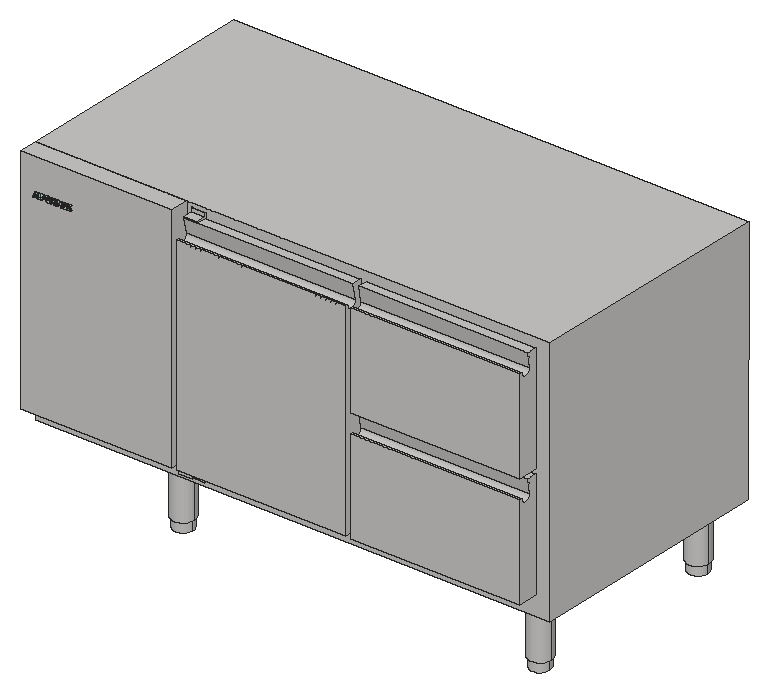
Revit family "QF_ALPENINOX_712678_AJ2F7AB", category Specialty Equipment, Revit 2018
Family settings
  Round Connector Dimension = Use Diameter
  Part Type = Normal
  Work Plane-Based = No
  Always vertical = Yes
  Cut with Voids When Loaded = No
  Shared = No
  Room Calculation Point = No
Parameters
  Weight = 0.00 kg
  Watts = 45.5225 W
  Volts = 220 V
  URL Manufacturer = "http://www.alpeninox.com"
  URL = "http://www.alpeninox.com"
  Steam Supply Size = 0 mm
  Steam Supply Minimum Pressure = 0.0 Pa
  Steam Supply Maximum Pressure = 0.0 Pa
  Steam Pounds per Hour = 0
  Refrigeration Suction Line Size = 0 mm
  Refrigeration Liquid Line Size = 0 mm
  Refrigerant Compressor Remote = yes
  Manufacturer = "Alpeninox"
  Phase = 1
  Model = "AJ2F7AB"
  Length Actual = 1341 mm  # constant formula
  Length = 1341 mm
  Item Number = "712678"
  Hot Water Size = 0 mm
  Height Actual = 800 mm  # constant formula
  Height = 650 mm
  HP = "0.7 HP"
  Gas Size = 0 mm
  Gas KW = 0
  Gas Input Pressure = 0 W
  Depth Actual = 700 mm  # constant formula
  Depth = 695 mm
  Description = "1 DOOR+2x½ DRAWER FREEZER TABLE -20C NO TOP"
  Cycle = 50 Hz
  Condensate Return Size = 0 mm
  Compressed Air Volume = 0.0 L/s
  Compressed Air Size = 0 mm
  Compressed Air Pressure = 0.0 Pa
  Cold Water Size = 0 mm
  Accessory = yes
Reference planes
  plane 1: z = 0
  plane 2 "Center (Left/Right)": x = -126.5
  plane 3 "Center (Front/Back)": y = 64.5
  plane 4 "FEET": z = 150
  plane 5 "TOP": z = 850
  plane 6 "PLAIN": z = 800
  plane 7 "EI_back": y = 359
  plane 8 "EI_left": x = -731
  plane 9 "BACK": y = 412
  plane 10 "FRONT": y = -283
  plane 11 "DOOR": y = -233
  plane 12 "LEFT": x = -797
  plane 13 "RIGHT": x = 544
  plane 14: x = -772
  plane 15: x = 519
Forms (mm)
  Extrusion 1, solid, material "QF_Finishes_Stainless Steel"
    sketch origin (-1022.223, -1524, 150) x (-1, 0, 0) y (0, -1, 0)
      loop
        circle (-291.223, -1883) r 5
    from 0 to -40
  Extrusion 2, solid, material "QF_Finishes_Stainless Steel"
    sketch origin (-1022.223, -1524, 150) x (-1, 0, 0) y (0, -1, 0)
      loop
        line (-225.223, -1936) -> (-225.223, -1291) -> (-1566.223, -1291) -> (-1566.223, -1936) -> (-225.223, -1936)
    from 0 to 650 <- "Height"
Lines and regions (mm)
  symbolic lines, style "SpecialityEquipmentHiddenLines"
    curve 1: line (-797, 412, 150) -> (544, 412, 150)
    curve 2: line (-797, -283, 150) -> (-797, 412, 150)
    curve 3: line (544, -283, 150) -> (-797, -283, 150)
    curve 4: line (544, 412, 150) -> (544, -283, 150)
    curve 5: line (-797, -233, 150) -> (544, -233, 150)
    curve 6: line (519, -283, 150) -> (519, -233, 150)
Dimensions and locks
  plane 4 "FEET" to level = 150 mm
  plane 11 "DOOR" to plane 10 "FRONT" = 50 mm
  "Height": plane 6 "PLAIN" to plane 4 "FEET"
  plane 5 "TOP" to plane 6 "PLAIN" = 50 mm
  plane 12 "LEFT" to plane 14 = 25 mm
  plane 15 to plane 13 "RIGHT" = 25 mm
  plane 9 "BACK" to plane 7 "EI_back" = 53 mm
  plane 12 "LEFT" to plane 8 "EI_left" = 66 mm
  "Length": plane 12 "LEFT" to plane 13 "RIGHT"
  equal spacing: plane 12 "LEFT", plane 2 "Center (Left/Right)", plane 13 "RIGHT"
  "Depth": plane 9 "BACK" to plane 10 "FRONT"
  equal spacing: plane 9 "BACK", plane 3 "Center (Front/Back)", plane 10 "FRONT"
  aligned and locked: level to plane 1
Automatic sketch dimensions
  Extrusion 1 sketch curve to plane 7 "EI_back" = 0 mm
  Extrusion 1 sketch curve to plane 8 "EI_left" = 0 mm
  Extrusion 2 sketch curve to plane 9 "BACK" = 0 mm
  Extrusion 2 sketch curve to plane 13 "RIGHT" = 0 mm
  Extrusion 2 sketch curve to plane 11 "DOOR" = 0 mm
  Extrusion 2 sketch curve to plane 12 "LEFT" = 0 mm
  curve 1 to plane 13 "RIGHT" = 0 mm
  curve 6 to plane 10 "FRONT" = 0 mm
  curve 6 to plane 15 = 0 mm
  curve 5 to plane 12 "LEFT" = 0 mm
  curve 6 to plane 11 "DOOR" = 0 mm
  curve 1 to plane 9 "BACK" = 0 mm
  radius of Extrusion 1 sketch curve = 5 mm
Nested families
  nested 1: "Freezer" at (544, -283, 0), type "Freezer"
  nested 2: "FEET" at (-452, 331, 0), type "FEET"
  nested 3: "FEET" at (478, 331, 0), type "FEET"
  nested 4: "FEET" at (-452, -183, 0), type "FEET"
  nested 5: "FEET" at (478, -183, 0), type "FEET"
  nested 6: "APX_BI_BT_L_650" at (-590.08, -233, 548) x (1, 0, 0) z (0, -1, 0), type "APX_BI_BT_L_650"
    with Show Logo yes
  nested 7: "APX_SD_L_650" at (-169, -233, 458.88) x (1, 0, 0) z (0, -1, 0), type "APX_SD_L_650"
    with Show Clearance yes
  nested 8: "APX_HALF_650" at (285, -233, 458.08) x (1, 0, 0) z (0, -1, 0), type "APX_HALF_650"
    with Show Clearance yes
Connectors
  electrical at (-731, 359, 110), driven by "Volts"
    settings: on Extrusion 1, index 1, voltage 220 V, apparent load 0 VA, apparent load phase1 0 VA, apparent load phase2 0 VA, apparent load phase3 0 VA, power factor 1, load classification "Other", number of poles 1, system type 31, power factor state 1, is connector primary yes, connector utility no, sub classification motor no, connector description "Electrical Connection"
Definition of nested family "FEET"
  Parameters
    FEET = 150 mm
  Reference planes
    plane 1 "Center (Front/Back)": y = 0
    plane 2: z = 0
    plane 3 "Center (Left/Right)": x = 0
    plane 4: z = 150
  Forms (mm)
    Revolve 1, solid
      sketch origin (255.05, 0, 608.09) x (0, 0, 1) y (-1, 0, 0)
        loop
          line (-608.09, 255.05) -> (-608.09, 230.05) -> (-583.09, 230.05) -> (-583.09, 226.05) -> (-458.09, 226.05) -> (-458.09, 255.05) -> (-608.09, 255.05)
        axis (-608.09, 255.05) -> (-458.09, 255.05)
      angle from 0 to 360
  Dimensions and locks
    locked: Revolve 1 sketch curve to Revolve 1 sketch curve at 125
    "FEET": plane 4 to plane 2
    aligned and locked: level to plane 2
    aligned and locked: plane 4 to Revolve 1 sketch curve
    aligned and locked: Revolve 1 sketch curve to level
    aligned and locked: plane 3 "Center (Left/Right)" to Revolve 1 sketch curve
  Automatic sketch dimensions
    Revolve 1 sketch curve to plane 3 "Center (Left/Right)" = 0 mm
    Revolve 1 sketch curve to Revolve 1 sketch curve = 25 mm
    Revolve 1 sketch curve to Revolve 1 sketch curve = 29 mm
    plane 4 to Revolve 1 sketch curve = 50 mm
    Revolve 1 sketch curve to Revolve 1 sketch curve = 20 mm
Definition of nested family "APX_BI_BT_L_650"
  Parameters
    Show Logo [instance] = yes
    Default Elevation = 1219.2 mm
  Reference planes
    plane 1 "Center (Front/Back)": y = -49
    plane 2: z = 0
    plane 3 "Center (Left/Right)": x = -9.92
    plane 4: x = -206.92
    plane 5: x = 187.08
    plane 6: y = 252
    plane 7: y = -350
  Forms (mm)
    Extrusion 1, solid
      sketch origin (0, 0, 0) x (1, 0, 0) y (0, 1, 0)
        loop
          line (-1219.2, 1219.2) -> (-1219.2, -1219.2) -> (1219.2, -1219.2) -> (1219.2, 1219.2) -> (-1219.2, 1219.2)
      from 0 to -304.8
    Extrusion 2, solid
      sketch origin (0, 0, 0) x (1, 0, 0) y (0, 1, 0)
        loop
          line (-206.92, 252) -> (-206.92, -350) -> (187.08, -350) -> (187.08, 252) -> (-206.92, 252)
      from 0 to 50
    Extrusion 3, solid, not visible
      sketch origin (0, 0, 0) x (1, 0, 0) y (0, 1, 0)
        loop
          line (-206.92, 252) -> (-206.92, -400) -> (87.08, -400) -> (87.08, 252) -> (-206.92, 252)
      from 0 to 50
    Extrusion 4, solid
      sketch origin (0, -0.336, 0) x (1, 0, 0) y (0, 1, 0)
        loop
          line (-168.675, 170.349) -> (-172.411, 160.318)
          arc (-172.411, 160.318) -> (-171.624, 158.497) -> (-169.837, 159.36) r 1.374
          line (-169.837, 159.36) -> (-169.268, 161.111) -> (-164.1, 161.111) -> (-163.54, 159.379)
          arc (-163.54, 159.379) -> (-161.802, 158.542) -> (-161.049, 160.318) r 1.333
          line (-161.049, 160.318) -> (-164.694, 170.349)
          arc (-164.694, 170.349) -> (-166.685, 171.876) -> (-168.675, 170.349) r 2.06
        loop
          line (-166.681, 169.055) -> (-168.469, 163.655) -> (-164.935, 163.655) -> (-166.681, 169.055)
        loop
          arc (-159.705, 160.042) -> (-159.262, 158.973) -> (-158.194, 158.531) r 1.512
          line (-158.194, 158.531) -> (-153.608, 158.531)
          arc (-153.608, 158.531) -> (-152.337, 159.802) -> (-153.608, 161.074) r 1.272
          line (-153.608, 161.074) -> (-156.917, 161.074) -> (-156.917, 170.328)
          arc (-156.917, 170.328) -> (-158.311, 171.722) -> (-159.705, 170.328) r 1.394
          line (-159.705, 170.328) -> (-159.705, 160.042)
        loop
          line (-151.076, 170.218) -> (-151.076, 159.859)
          arc (-151.076, 159.859) -> (-149.683, 158.466) -> (-148.29, 159.859) r 1.393
          line (-148.29, 159.859) -> (-148.29, 162.882) -> (-146.225, 162.882)
          arc (-146.225, 162.882) -> (-142.999, 163.859) -> (-141.608, 166.928) r 4.082
          arc (-141.608, 166.928) -> (-142.993, 170.272) -> (-146.336, 171.657) r 4.728
          line (-146.336, 171.657) -> (-149.638, 171.657)
          arc (-149.638, 171.657) -> (-150.655, 171.235) -> (-151.076, 170.218) r 1.439
        loop
          line (-148.29, 165.313) -> (-146.388, 165.313)
          arc (-146.388, 165.313) -> (-144.433, 167.268) -> (-146.388, 169.222) r 1.955
          line (-146.388, 169.222) -> (-148.29, 169.222) -> (-148.29, 165.313)
        loop
          arc (-131.184, 166.332) -> (-132.004, 168.2) -> (-133.767, 169.228) r 3.3
          arc (-133.767, 169.228) -> (-136.353, 168.661) -> (-137.611, 166.332) r 3.176
          line (-137.611, 166.332) -> (-131.184, 166.332)
        loop
          line (-137.538, 163.743) -> (-130.544, 163.743)
          arc (-130.544, 163.743) -> (-129.292, 163.916) -> (-128.301, 164.701) r 2.4
          arc (-128.301, 164.701) -> (-128.155, 165.545) -> (-128.212, 166.399) r 3.635
          arc (-128.212, 166.399) -> (-130.364, 170.162) -> (-134.39, 171.769) r 6.579
          arc (-134.39, 171.769) -> (-138.918, 169.706) -> (-140.661, 165.044) r 6.501
          arc (-140.661, 165.044) -> (-139.276, 160.789) -> (-135.401, 158.549) r 6.252
          arc (-135.401, 158.549) -> (-132.922, 158.526) -> (-130.544, 159.232) r 8.361
          arc (-130.544, 159.232) -> (-129.466, 159.781) -> (-128.641, 160.666) r 3.486
          arc (-128.641, 160.666) -> (-128.419, 161.592) -> (-128.828, 162.451) r 1.425
          arc (-128.828, 162.451) -> (-129.368, 162.762) -> (-129.99, 162.762) r 1.203
          arc (-129.99, 162.762) -> (-130.406, 162.59) -> (-130.764, 162.316) r 1.724
          arc (-130.764, 162.316) -> (-131.666, 161.705) -> (-132.646, 161.229) r 7.6
          arc (-132.646, 161.229) -> (-135.676, 161.35) -> (-137.538, 163.743) r 3.6
        loop
          line (-126.669, 170.328) -> (-126.669, 159.859)
          arc (-126.669, 159.859) -> (-125.273, 158.463) -> (-123.878, 159.859) r 1.396
          line (-123.878, 159.859) -> (-123.878, 166.785) -> (-117.946, 159.029)
          arc (-117.946, 159.029) -> (-116.361, 158.51) -> (-115.379, 159.859) r 1.417
          line (-115.379, 159.859) -> (-115.379, 170.328)
          arc (-115.379, 170.328) -> (-116.774, 171.723) -> (-118.169, 170.328) r 1.395
          line (-118.169, 170.328) -> (-118.169, 163.311) -> (-124.101, 171.157)
          arc (-124.101, 171.157) -> (-125.687, 171.678) -> (-126.669, 170.328) r 1.418
        loop
          arc (-113.636, 159.859) -> (-112.241, 158.464) -> (-110.847, 159.859) r 1.394
          line (-110.847, 159.859) -> (-110.847, 170.328)
          arc (-110.847, 170.328) -> (-112.241, 171.723) -> (-113.636, 170.328) r 1.394
          line (-113.636, 170.328) -> (-113.636, 159.859)
        loop
          line (-109.102, 170.328) -> (-109.102, 159.859)
          arc (-109.102, 159.859) -> (-107.706, 158.463) -> (-106.31, 159.859) r 1.396
          line (-106.31, 159.859) -> (-106.31, 166.785) -> (-100.378, 159.029)
          arc (-100.378, 159.029) -> (-98.793, 158.51) -> (-97.812, 159.859) r 1.417
          line (-97.812, 159.859) -> (-97.812, 170.328)
          arc (-97.812, 170.328) -> (-99.207, 171.723) -> (-100.602, 170.328) r 1.395
          line (-100.602, 170.328) -> (-100.602, 163.311) -> (-106.533, 171.157)
          arc (-106.533, 171.157) -> (-108.119, 171.678) -> (-109.102, 170.328) r 1.418
        loop
          arc (-96.345, 165.093) -> (-95.619, 161.877) -> (-93.467, 159.379) r 6.806
          arc (-93.467, 159.379) -> (-91.792, 158.566) -> (-89.948, 158.31) r 5.956
          arc (-89.948, 158.31) -> (-88.104, 158.566) -> (-86.43, 159.379) r 5.956
          arc (-86.43, 159.379) -> (-84.277, 161.877) -> (-83.551, 165.093) r 6.806
          arc (-83.551, 165.093) -> (-84.277, 168.31) -> (-86.43, 170.808) r 6.806
          arc (-86.43, 170.808) -> (-88.104, 171.621) -> (-89.948, 171.877) r 5.956
          arc (-89.948, 171.877) -> (-91.792, 171.621) -> (-93.467, 170.808) r 5.956
          arc (-93.467, 170.808) -> (-95.619, 168.31) -> (-96.345, 165.093) r 6.806
        loop
          arc (-93.425, 165.093) -> (-93.138, 163.212) -> (-92.081, 161.629) r 4.387
          arc (-92.081, 161.629) -> (-91.087, 161.049) -> (-89.948, 160.881) r 3.035
          arc (-89.948, 160.881) -> (-88.809, 161.049) -> (-87.815, 161.629) r 3.035
          arc (-87.815, 161.629) -> (-86.759, 163.212) -> (-86.472, 165.093) r 4.387
          arc (-86.472, 165.093) -> (-86.759, 166.975) -> (-87.815, 168.558) r 4.387
          arc (-87.815, 168.558) -> (-88.809, 169.138) -> (-89.948, 169.306) r 3.035
          arc (-89.948, 169.306) -> (-91.087, 169.138) -> (-92.081, 168.558) r 3.035
          arc (-92.081, 168.558) -> (-93.138, 166.975) -> (-93.425, 165.093) r 4.387
        loop
          line (-83.139, 169.609) -> (-80.126, 165.552) -> (-83.81, 160.652)
          arc (-83.81, 160.652) -> (-83.512, 158.692) -> (-81.559, 159.029) r 1.388
          line (-81.559, 159.029) -> (-78.51, 163.232) -> (-75.461, 159.029)
          arc (-75.461, 159.029) -> (-73.507, 158.692) -> (-73.21, 160.652) r 1.388
          line (-73.21, 160.652) -> (-76.894, 165.552) -> (-73.881, 169.609)
          arc (-73.881, 169.609) -> (-74.249, 171.597) -> (-76.205, 171.084) r 1.38
          line (-76.205, 171.084) -> (-78.51, 167.841) -> (-80.815, 171.084)
          arc (-80.815, 171.084) -> (-82.771, 171.597) -> (-83.139, 169.609) r 1.38
      from 50 to 51.6
  Lines and regions (mm)
    Split face 1
      outline origin (-138, 0, 50) x (1, 0, 0) y (0, 1, 0)
        loop
          line (94.58, 177) -> (94.58, 154) -> (164.58, 154) -> (164.58, 177) -> (94.58, 177)
    Split face 2
      outline origin (-138, 0, 50) x (1, 0, 0) y (0, 1, 0)
        loop
          line (144.58, 174) -> (144.58, 157) -> (161.58, 157) -> (161.58, 174) -> (144.58, 174)
    Split face 3
      outline origin (0, 0, 50) x (1, 0, 0) y (0, 1, 0)
        loop
          line (-206.92, 188) -> (187.08, 188)
    Split face 4
      outline origin (-5, 0, 50) x (1, 0, 0) y (0, 1, 0)
        loop
          arc (-163.464, 131.824) -> (-167.464, 127.824) -> (-163.464, 123.824) r 4
          line (-163.464, 123.824) -> (-121.464, 123.824)
          arc (-121.464, 123.824) -> (-117.464, 127.824) -> (-121.464, 131.824) r 4
          line (-121.464, 131.824) -> (-163.464, 131.824)
    Split face 5
      outline origin (325, 0, 50) x (1, 0, 0) y (0, 1, 0)
        loop
          arc (-328.464, 131.824) -> (-332.464, 127.824) -> (-328.464, 123.824) r 4
          line (-328.464, 123.824) -> (-286.464, 123.824)
          arc (-286.464, 123.824) -> (-282.464, 127.824) -> (-286.464, 131.824) r 4
          line (-286.464, 131.824) -> (-328.464, 131.824)
    Split face 6
      outline origin (105, 0, 50) x (1, 0, 0) y (0, 1, 0)
        loop
          arc (-218.464, 131.824) -> (-222.464, 127.824) -> (-218.464, 123.824) r 4
          line (-218.464, 123.824) -> (-176.464, 123.824)
          arc (-176.464, 123.824) -> (-172.464, 127.824) -> (-176.464, 131.824) r 4
          line (-176.464, 131.824) -> (-218.464, 131.824)
    Split face 7
      outline origin (215, 0, 50) x (1, 0, 0) y (0, 1, 0)
        loop
          arc (-273.464, 131.824) -> (-277.464, 127.824) -> (-273.464, 123.824) r 4
          line (-273.464, 123.824) -> (-231.464, 123.824)
          arc (-231.464, 123.824) -> (-227.464, 127.824) -> (-231.464, 131.824) r 4
          line (-231.464, 131.824) -> (-273.464, 131.824)
    Split face 8, not visible
      outline origin (0, 0, 50) x (1, 0, 0) y (0, 1, 0)
        loop
          arc (-163.464, 131.824) -> (-167.464, 127.824) -> (-163.464, 123.824) r 4
          line (-163.464, 123.824) -> (-121.464, 123.824)
          arc (-121.464, 123.824) -> (-117.464, 127.824) -> (-121.464, 131.824) r 4
          line (-121.464, 131.824) -> (-163.464, 131.824)
    Split face 9
      outline origin (-5, -24, 50) x (1, 0, 0) y (0, 1, 0)
        loop
          arc (-163.464, 143.824) -> (-167.464, 139.824) -> (-163.464, 135.824) r 4
          line (-163.464, 135.824) -> (-121.464, 135.824)
          arc (-121.464, 135.824) -> (-117.464, 139.824) -> (-121.464, 143.824) r 4
          line (-121.464, 143.824) -> (-163.464, 143.824)
    Split face 10
      outline origin (325, -24, 50) x (1, 0, 0) y (0, 1, 0)
        loop
          arc (-328.464, 143.824) -> (-332.464, 139.824) -> (-328.464, 135.824) r 4
          line (-328.464, 135.824) -> (-286.464, 135.824)
          arc (-286.464, 135.824) -> (-282.464, 139.824) -> (-286.464, 143.824) r 4
          line (-286.464, 143.824) -> (-328.464, 143.824)
    Split face 11
      outline origin (105, -24, 50) x (1, 0, 0) y (0, 1, 0)
        loop
          arc (-218.464, 143.824) -> (-222.464, 139.824) -> (-218.464, 135.824) r 4
          line (-218.464, 135.824) -> (-176.464, 135.824)
          arc (-176.464, 135.824) -> (-172.464, 139.824) -> (-176.464, 143.824) r 4
          line (-176.464, 143.824) -> (-218.464, 143.824)
    Split face 12
      outline origin (215, -24, 50) x (1, 0, 0) y (0, 1, 0)
        loop
          arc (-273.464, 143.824) -> (-277.464, 139.824) -> (-273.464, 135.824) r 4
          line (-273.464, 135.824) -> (-231.464, 135.824)
          arc (-231.464, 135.824) -> (-227.464, 139.824) -> (-231.464, 143.824) r 4
          line (-231.464, 143.824) -> (-273.464, 143.824)
    Split face 13
      outline origin (-5, -48, 50) x (1, 0, 0) y (0, 1, 0)
        loop
          arc (-163.464, 155.824) -> (-167.464, 151.824) -> (-163.464, 147.824) r 4
          line (-163.464, 147.824) -> (-121.464, 147.824)
          arc (-121.464, 147.824) -> (-117.464, 151.824) -> (-121.464, 155.824) r 4
          line (-121.464, 155.824) -> (-163.464, 155.824)
    Split face 14
      outline origin (325, -48, 50) x (1, 0, 0) y (0, 1, 0)
        loop
          arc (-328.464, 155.824) -> (-332.464, 151.824) -> (-328.464, 147.824) r 4
          line (-328.464, 147.824) -> (-286.464, 147.824)
          arc (-286.464, 147.824) -> (-282.464, 151.824) -> (-286.464, 155.824) r 4
          line (-286.464, 155.824) -> (-328.464, 155.824)
    Split face 15
      outline origin (105, -48, 50) x (1, 0, 0) y (0, 1, 0)
        loop
          arc (-218.464, 155.824) -> (-222.464, 151.824) -> (-218.464, 147.824) r 4
          line (-218.464, 147.824) -> (-176.464, 147.824)
          arc (-176.464, 147.824) -> (-172.464, 151.824) -> (-176.464, 155.824) r 4
          line (-176.464, 155.824) -> (-218.464, 155.824)
    Split face 16
      outline origin (215, -48, 50) x (1, 0, 0) y (0, 1, 0)
        loop
          arc (-273.464, 155.824) -> (-277.464, 151.824) -> (-273.464, 147.824) r 4
          line (-273.464, 147.824) -> (-231.464, 147.824)
          arc (-231.464, 147.824) -> (-227.464, 151.824) -> (-231.464, 155.824) r 4
          line (-231.464, 155.824) -> (-273.464, 155.824)
    Split face 17
      outline origin (-5, -72, 50) x (1, 0, 0) y (0, 1, 0)
        loop
          arc (-163.464, 167.824) -> (-167.464, 163.824) -> (-163.464, 159.824) r 4
          line (-163.464, 159.824) -> (-121.464, 159.824)
          arc (-121.464, 159.824) -> (-117.464, 163.824) -> (-121.464, 167.824) r 4
          line (-121.464, 167.824) -> (-163.464, 167.824)
    Split face 18
      outline origin (325, -72, 50) x (1, 0, 0) y (0, 1, 0)
        loop
          arc (-328.464, 167.824) -> (-332.464, 163.824) -> (-328.464, 159.824) r 4
          line (-328.464, 159.824) -> (-286.464, 159.824)
          arc (-286.464, 159.824) -> (-282.464, 163.824) -> (-286.464, 167.824) r 4
          line (-286.464, 167.824) -> (-328.464, 167.824)
    Split face 19
      outline origin (105, -72, 50) x (1, 0, 0) y (0, 1, 0)
        loop
          arc (-218.464, 167.824) -> (-222.464, 163.824) -> (-218.464, 159.824) r 4
          line (-218.464, 159.824) -> (-176.464, 159.824)
          arc (-176.464, 159.824) -> (-172.464, 163.824) -> (-176.464, 167.824) r 4
          line (-176.464, 167.824) -> (-218.464, 167.824)
    Split face 20
      outline origin (215, -72, 50) x (1, 0, 0) y (0, 1, 0)
        loop
          arc (-273.464, 167.824) -> (-277.464, 163.824) -> (-273.464, 159.824) r 4
          line (-273.464, 159.824) -> (-231.464, 159.824)
          arc (-231.464, 159.824) -> (-227.464, 163.824) -> (-231.464, 167.824) r 4
          line (-231.464, 167.824) -> (-273.464, 167.824)
    Split face 21
      outline origin (-5, -96, 50) x (1, 0, 0) y (0, 1, 0)
        loop
          arc (-163.464, 179.824) -> (-167.464, 175.824) -> (-163.464, 171.824) r 4
          line (-163.464, 171.824) -> (-121.464, 171.824)
          arc (-121.464, 171.824) -> (-117.464, 175.824) -> (-121.464, 179.824) r 4
          line (-121.464, 179.824) -> (-163.464, 179.824)
    Split face 22
      outline origin (325, -96, 50) x (1, 0, 0) y (0, 1, 0)
        loop
          arc (-328.464, 179.824) -> (-332.464, 175.824) -> (-328.464, 171.824) r 4
          line (-328.464, 171.824) -> (-286.464, 171.824)
          arc (-286.464, 171.824) -> (-282.464, 175.824) -> (-286.464, 179.824) r 4
          line (-286.464, 179.824) -> (-328.464, 179.824)
    Split face 23
      outline origin (105, -96, 50) x (1, 0, 0) y (0, 1, 0)
        loop
          arc (-218.464, 179.824) -> (-222.464, 175.824) -> (-218.464, 171.824) r 4
          line (-218.464, 171.824) -> (-176.464, 171.824)
          arc (-176.464, 171.824) -> (-172.464, 175.824) -> (-176.464, 179.824) r 4
          line (-176.464, 179.824) -> (-218.464, 179.824)
    Split face 24
      outline origin (215, -96, 50) x (1, 0, 0) y (0, 1, 0)
        loop
          arc (-273.464, 179.824) -> (-277.464, 175.824) -> (-273.464, 171.824) r 4
          line (-273.464, 171.824) -> (-231.464, 171.824)
          arc (-231.464, 171.824) -> (-227.464, 175.824) -> (-231.464, 179.824) r 4
          line (-231.464, 179.824) -> (-273.464, 179.824)
    Split face 25
      outline origin (-5, -120, 50) x (1, 0, 0) y (0, 1, 0)
        loop
          arc (-163.464, 191.824) -> (-167.464, 187.824) -> (-163.464, 183.824) r 4
          line (-163.464, 183.824) -> (-121.464, 183.824)
          arc (-121.464, 183.824) -> (-117.464, 187.824) -> (-121.464, 191.824) r 4
          line (-121.464, 191.824) -> (-163.464, 191.824)
    Split face 26
      outline origin (325, -120, 50) x (1, 0, 0) y (0, 1, 0)
        loop
          arc (-328.464, 191.824) -> (-332.464, 187.824) -> (-328.464, 183.824) r 4
          line (-328.464, 183.824) -> (-286.464, 183.824)
          arc (-286.464, 183.824) -> (-282.464, 187.824) -> (-286.464, 191.824) r 4
          line (-286.464, 191.824) -> (-328.464, 191.824)
    Split face 27
      outline origin (105, -120, 50) x (1, 0, 0) y (0, 1, 0)
        loop
          arc (-218.464, 191.824) -> (-222.464, 187.824) -> (-218.464, 183.824) r 4
          line (-218.464, 183.824) -> (-176.464, 183.824)
          arc (-176.464, 183.824) -> (-172.464, 187.824) -> (-176.464, 191.824) r 4
          line (-176.464, 191.824) -> (-218.464, 191.824)
    Split face 28
      outline origin (215, -120, 50) x (1, 0, 0) y (0, 1, 0)
        loop
          arc (-273.464, 191.824) -> (-277.464, 187.824) -> (-273.464, 183.824) r 4
          line (-273.464, 183.824) -> (-231.464, 183.824)
          arc (-231.464, 183.824) -> (-227.464, 187.824) -> (-231.464, 191.824) r 4
          line (-231.464, 191.824) -> (-273.464, 191.824)
    Split face 29
      outline origin (-5, -144, 50) x (1, 0, 0) y (0, 1, 0)
        loop
          arc (-163.464, 203.824) -> (-167.464, 199.824) -> (-163.464, 195.824) r 4
          line (-163.464, 195.824) -> (-121.464, 195.824)
          arc (-121.464, 195.824) -> (-117.464, 199.824) -> (-121.464, 203.824) r 4
          line (-121.464, 203.824) -> (-163.464, 203.824)
    Split face 30
      outline origin (325, -144, 50) x (1, 0, 0) y (0, 1, 0)
        loop
          arc (-328.464, 203.824) -> (-332.464, 199.824) -> (-328.464, 195.824) r 4
          line (-328.464, 195.824) -> (-286.464, 195.824)
          arc (-286.464, 195.824) -> (-282.464, 199.824) -> (-286.464, 203.824) r 4
          line (-286.464, 203.824) -> (-328.464, 203.824)
    Split face 31
      outline origin (105, -144, 50) x (1, 0, 0) y (0, 1, 0)
        loop
          arc (-218.464, 203.824) -> (-222.464, 199.824) -> (-218.464, 195.824) r 4
          line (-218.464, 195.824) -> (-176.464, 195.824)
          arc (-176.464, 195.824) -> (-172.464, 199.824) -> (-176.464, 203.824) r 4
          line (-176.464, 203.824) -> (-218.464, 203.824)
    Split face 32
      outline origin (215, -144, 50) x (1, 0, 0) y (0, 1, 0)
        loop
          arc (-273.464, 203.824) -> (-277.464, 199.824) -> (-273.464, 195.824) r 4
          line (-273.464, 195.824) -> (-231.464, 195.824)
          arc (-231.464, 195.824) -> (-227.464, 199.824) -> (-231.464, 203.824) r 4
          line (-231.464, 203.824) -> (-273.464, 203.824)
    Split face 33
      outline origin (-5, -168, 50) x (1, 0, 0) y (0, 1, 0)
        loop
          arc (-163.464, 215.824) -> (-167.464, 211.824) -> (-163.464, 207.824) r 4
          line (-163.464, 207.824) -> (-121.464, 207.824)
          arc (-121.464, 207.824) -> (-117.464, 211.824) -> (-121.464, 215.824) r 4
          line (-121.464, 215.824) -> (-163.464, 215.824)
    Split face 34
      outline origin (325, -168, 50) x (1, 0, 0) y (0, 1, 0)
        loop
          arc (-328.464, 215.824) -> (-332.464, 211.824) -> (-328.464, 207.824) r 4
          line (-328.464, 207.824) -> (-286.464, 207.824)
          arc (-286.464, 207.824) -> (-282.464, 211.824) -> (-286.464, 215.824) r 4
          line (-286.464, 215.824) -> (-328.464, 215.824)
    Split face 35
      outline origin (105, -168, 50) x (1, 0, 0) y (0, 1, 0)
        loop
          arc (-218.464, 215.824) -> (-222.464, 211.824) -> (-218.464, 207.824) r 4
          line (-218.464, 207.824) -> (-176.464, 207.824)
          arc (-176.464, 207.824) -> (-172.464, 211.824) -> (-176.464, 215.824) r 4
          line (-176.464, 215.824) -> (-218.464, 215.824)
    Split face 36
      outline origin (215, -168, 50) x (1, 0, 0) y (0, 1, 0)
        loop
          arc (-273.464, 215.824) -> (-277.464, 211.824) -> (-273.464, 207.824) r 4
          line (-273.464, 207.824) -> (-231.464, 207.824)
          arc (-231.464, 207.824) -> (-227.464, 211.824) -> (-231.464, 215.824) r 4
          line (-231.464, 215.824) -> (-273.464, 215.824)
    Split face 37
      outline origin (-5, -192, 50) x (1, 0, 0) y (0, 1, 0)
        loop
          arc (-163.464, 227.824) -> (-167.464, 223.824) -> (-163.464, 219.824) r 4
          line (-163.464, 219.824) -> (-121.464, 219.824)
          arc (-121.464, 219.824) -> (-117.464, 223.824) -> (-121.464, 227.824) r 4
          line (-121.464, 227.824) -> (-163.464, 227.824)
    Split face 38
      outline origin (325, -192, 50) x (1, 0, 0) y (0, 1, 0)
        loop
          arc (-328.464, 227.824) -> (-332.464, 223.824) -> (-328.464, 219.824) r 4
          line (-328.464, 219.824) -> (-286.464, 219.824)
          arc (-286.464, 219.824) -> (-282.464, 223.824) -> (-286.464, 227.824) r 4
          line (-286.464, 227.824) -> (-328.464, 227.824)
    Split face 39
      outline origin (105, -192, 50) x (1, 0, 0) y (0, 1, 0)
        loop
          arc (-218.464, 227.824) -> (-222.464, 223.824) -> (-218.464, 219.824) r 4
          line (-218.464, 219.824) -> (-176.464, 219.824)
          arc (-176.464, 219.824) -> (-172.464, 223.824) -> (-176.464, 227.824) r 4
          line (-176.464, 227.824) -> (-218.464, 227.824)
    Split face 40
      outline origin (215, -192, 50) x (1, 0, 0) y (0, 1, 0)
        loop
          arc (-273.464, 227.824) -> (-277.464, 223.824) -> (-273.464, 219.824) r 4
          line (-273.464, 219.824) -> (-231.464, 219.824)
          arc (-231.464, 219.824) -> (-227.464, 223.824) -> (-231.464, 227.824) r 4
          line (-231.464, 227.824) -> (-273.464, 227.824)
    Split face 41
      outline origin (-5, -216, 50) x (1, 0, 0) y (0, 1, 0)
        loop
          arc (-163.464, 239.824) -> (-167.464, 235.824) -> (-163.464, 231.824) r 4
          line (-163.464, 231.824) -> (-121.464, 231.824)
          arc (-121.464, 231.824) -> (-117.464, 235.824) -> (-121.464, 239.824) r 4
          line (-121.464, 239.824) -> (-163.464, 239.824)
    Split face 42
      outline origin (325, -216, 50) x (1, 0, 0) y (0, 1, 0)
        loop
          arc (-328.464, 239.824) -> (-332.464, 235.824) -> (-328.464, 231.824) r 4
          line (-328.464, 231.824) -> (-286.464, 231.824)
          arc (-286.464, 231.824) -> (-282.464, 235.824) -> (-286.464, 239.824) r 4
          line (-286.464, 239.824) -> (-328.464, 239.824)
    Split face 43
      outline origin (105, -216, 50) x (1, 0, 0) y (0, 1, 0)
        loop
          arc (-218.464, 239.824) -> (-222.464, 235.824) -> (-218.464, 231.824) r 4
          line (-218.464, 231.824) -> (-176.464, 231.824)
          arc (-176.464, 231.824) -> (-172.464, 235.824) -> (-176.464, 239.824) r 4
          line (-176.464, 239.824) -> (-218.464, 239.824)
    Split face 44
      outline origin (215, -216, 50) x (1, 0, 0) y (0, 1, 0)
        loop
          arc (-273.464, 239.824) -> (-277.464, 235.824) -> (-273.464, 231.824) r 4
          line (-273.464, 231.824) -> (-231.464, 231.824)
          arc (-231.464, 231.824) -> (-227.464, 235.824) -> (-231.464, 239.824) r 4
          line (-231.464, 239.824) -> (-273.464, 239.824)
    Split face 45
      outline origin (-5, -240, 50) x (1, 0, 0) y (0, 1, 0)
        loop
          arc (-163.464, 251.824) -> (-167.464, 247.824) -> (-163.464, 243.824) r 4
          line (-163.464, 243.824) -> (-121.464, 243.824)
          arc (-121.464, 243.824) -> (-117.464, 247.824) -> (-121.464, 251.824) r 4
          line (-121.464, 251.824) -> (-163.464, 251.824)
    Split face 46
      outline origin (325, -240, 50) x (1, 0, 0) y (0, 1, 0)
        loop
          arc (-328.464, 251.824) -> (-332.464, 247.824) -> (-328.464, 243.824) r 4
          line (-328.464, 243.824) -> (-286.464, 243.824)
          arc (-286.464, 243.824) -> (-282.464, 247.824) -> (-286.464, 251.824) r 4
          line (-286.464, 251.824) -> (-328.464, 251.824)
    Split face 47
      outline origin (105, -240, 50) x (1, 0, 0) y (0, 1, 0)
        loop
          arc (-218.464, 251.824) -> (-222.464, 247.824) -> (-218.464, 243.824) r 4
          line (-218.464, 243.824) -> (-176.464, 243.824)
          arc (-176.464, 243.824) -> (-172.464, 247.824) -> (-176.464, 251.824) r 4
          line (-176.464, 251.824) -> (-218.464, 251.824)
    Split face 48
      outline origin (215, -240, 50) x (1, 0, 0) y (0, 1, 0)
        loop
          arc (-273.464, 251.824) -> (-277.464, 247.824) -> (-273.464, 243.824) r 4
          line (-273.464, 243.824) -> (-231.464, 243.824)
          arc (-231.464, 243.824) -> (-227.464, 247.824) -> (-231.464, 251.824) r 4
          line (-231.464, 251.824) -> (-273.464, 251.824)
    Split face 49
      outline origin (-5, -264, 50) x (1, 0, 0) y (0, 1, 0)
        loop
          arc (-163.464, 263.824) -> (-167.464, 259.824) -> (-163.464, 255.824) r 4
          line (-163.464, 255.824) -> (-121.464, 255.824)
          arc (-121.464, 255.824) -> (-117.464, 259.824) -> (-121.464, 263.824) r 4
          line (-121.464, 263.824) -> (-163.464, 263.824)
    Split face 50
      outline origin (325, -264, 50) x (1, 0, 0) y (0, 1, 0)
        loop
          arc (-328.464, 263.824) -> (-332.464, 259.824) -> (-328.464, 255.824) r 4
          line (-328.464, 255.824) -> (-286.464, 255.824)
          arc (-286.464, 255.824) -> (-282.464, 259.824) -> (-286.464, 263.824) r 4
          line (-286.464, 263.824) -> (-328.464, 263.824)
    Split face 51
      outline origin (105, -264, 50) x (1, 0, 0) y (0, 1, 0)
        loop
          arc (-218.464, 263.824) -> (-222.464, 259.824) -> (-218.464, 255.824) r 4
          line (-218.464, 255.824) -> (-176.464, 255.824)
          arc (-176.464, 255.824) -> (-172.464, 259.824) -> (-176.464, 263.824) r 4
          line (-176.464, 263.824) -> (-218.464, 263.824)
    Split face 52
      outline origin (215, -264, 50) x (1, 0, 0) y (0, 1, 0)
        loop
          arc (-273.464, 263.824) -> (-277.464, 259.824) -> (-273.464, 255.824) r 4
          line (-273.464, 255.824) -> (-231.464, 255.824)
          arc (-231.464, 255.824) -> (-227.464, 259.824) -> (-231.464, 263.824) r 4
          line (-231.464, 263.824) -> (-273.464, 263.824)
    Split face 53
      outline origin (-5, -288, 50) x (1, 0, 0) y (0, 1, 0)
        loop
          arc (-163.464, 275.824) -> (-167.464, 271.824) -> (-163.464, 267.824) r 4
          line (-163.464, 267.824) -> (-121.464, 267.824)
          arc (-121.464, 267.824) -> (-117.464, 271.824) -> (-121.464, 275.824) r 4
          line (-121.464, 275.824) -> (-163.464, 275.824)
    Split face 54
      outline origin (325, -288, 50) x (1, 0, 0) y (0, 1, 0)
        loop
          arc (-328.464, 275.824) -> (-332.464, 271.824) -> (-328.464, 267.824) r 4
          line (-328.464, 267.824) -> (-286.464, 267.824)
          arc (-286.464, 267.824) -> (-282.464, 271.824) -> (-286.464, 275.824) r 4
          line (-286.464, 275.824) -> (-328.464, 275.824)
    Split face 55
      outline origin (105, -288, 50) x (1, 0, 0) y (0, 1, 0)
        loop
          arc (-218.464, 275.824) -> (-222.464, 271.824) -> (-218.464, 267.824) r 4
          line (-218.464, 267.824) -> (-176.464, 267.824)
          arc (-176.464, 267.824) -> (-172.464, 271.824) -> (-176.464, 275.824) r 4
          line (-176.464, 275.824) -> (-218.464, 275.824)
    Split face 56
      outline origin (215, -288, 50) x (1, 0, 0) y (0, 1, 0)
        loop
          arc (-273.464, 275.824) -> (-277.464, 271.824) -> (-273.464, 267.824) r 4
          line (-273.464, 267.824) -> (-231.464, 267.824)
          arc (-231.464, 267.824) -> (-227.464, 271.824) -> (-231.464, 275.824) r 4
          line (-231.464, 275.824) -> (-273.464, 275.824)
    Split face 57
      outline origin (-5, -312, 50) x (1, 0, 0) y (0, 1, 0)
        loop
          arc (-163.464, 287.824) -> (-167.464, 283.824) -> (-163.464, 279.824) r 4
          line (-163.464, 279.824) -> (-121.464, 279.824)
          arc (-121.464, 279.824) -> (-117.464, 283.824) -> (-121.464, 287.824) r 4
          line (-121.464, 287.824) -> (-163.464, 287.824)
    Split face 58
      outline origin (325, -312, 50) x (1, 0, 0) y (0, 1, 0)
        loop
          arc (-328.464, 287.824) -> (-332.464, 283.824) -> (-328.464, 279.824) r 4
          line (-328.464, 279.824) -> (-286.464, 279.824)
          arc (-286.464, 279.824) -> (-282.464, 283.824) -> (-286.464, 287.824) r 4
          line (-286.464, 287.824) -> (-328.464, 287.824)
    Split face 59
      outline origin (105, -312, 50) x (1, 0, 0) y (0, 1, 0)
        loop
          arc (-218.464, 287.824) -> (-222.464, 283.824) -> (-218.464, 279.824) r 4
          line (-218.464, 279.824) -> (-176.464, 279.824)
          arc (-176.464, 279.824) -> (-172.464, 283.824) -> (-176.464, 287.824) r 4
          line (-176.464, 287.824) -> (-218.464, 287.824)
    Split face 60
      outline origin (215, -312, 50) x (1, 0, 0) y (0, 1, 0)
        loop
          arc (-273.464, 287.824) -> (-277.464, 283.824) -> (-273.464, 279.824) r 4
          line (-273.464, 279.824) -> (-231.464, 279.824)
          arc (-231.464, 279.824) -> (-227.464, 283.824) -> (-231.464, 287.824) r 4
          line (-231.464, 287.824) -> (-273.464, 287.824)
    Split face 61
      outline origin (-5, -336, 50) x (1, 0, 0) y (0, 1, 0)
        loop
          arc (-163.464, 299.824) -> (-167.464, 295.824) -> (-163.464, 291.824) r 4
          line (-163.464, 291.824) -> (-121.464, 291.824)
          arc (-121.464, 291.824) -> (-117.464, 295.824) -> (-121.464, 299.824) r 4
          line (-121.464, 299.824) -> (-163.464, 299.824)
    Split face 62
      outline origin (325, -336, 50) x (1, 0, 0) y (0, 1, 0)
        loop
          arc (-328.464, 299.824) -> (-332.464, 295.824) -> (-328.464, 291.824) r 4
          line (-328.464, 291.824) -> (-286.464, 291.824)
          arc (-286.464, 291.824) -> (-282.464, 295.824) -> (-286.464, 299.824) r 4
          line (-286.464, 299.824) -> (-328.464, 299.824)
    Split face 63
      outline origin (105, -336, 50) x (1, 0, 0) y (0, 1, 0)
        loop
          arc (-218.464, 299.824) -> (-222.464, 295.824) -> (-218.464, 291.824) r 4
          line (-218.464, 291.824) -> (-176.464, 291.824)
          arc (-176.464, 291.824) -> (-172.464, 295.824) -> (-176.464, 299.824) r 4
          line (-176.464, 299.824) -> (-218.464, 299.824)
    Split face 64
      outline origin (215, -336, 50) x (1, 0, 0) y (0, 1, 0)
        loop
          arc (-273.464, 299.824) -> (-277.464, 295.824) -> (-273.464, 291.824) r 4
          line (-273.464, 291.824) -> (-231.464, 291.824)
          arc (-231.464, 291.824) -> (-227.464, 295.824) -> (-231.464, 299.824) r 4
          line (-231.464, 299.824) -> (-273.464, 299.824)
    Split face 65
      outline origin (-5, -360, 50) x (1, 0, 0) y (0, 1, 0)
        loop
          arc (-163.464, 311.824) -> (-167.464, 307.824) -> (-163.464, 303.824) r 4
          line (-163.464, 303.824) -> (-121.464, 303.824)
          arc (-121.464, 303.824) -> (-117.464, 307.824) -> (-121.464, 311.824) r 4
          line (-121.464, 311.824) -> (-163.464, 311.824)
    Split face 66
      outline origin (325, -360, 50) x (1, 0, 0) y (0, 1, 0)
        loop
          arc (-328.464, 311.824) -> (-332.464, 307.824) -> (-328.464, 303.824) r 4
          line (-328.464, 303.824) -> (-286.464, 303.824)
          arc (-286.464, 303.824) -> (-282.464, 307.824) -> (-286.464, 311.824) r 4
          line (-286.464, 311.824) -> (-328.464, 311.824)
    Split face 67
      outline origin (105, -360, 50) x (1, 0, 0) y (0, 1, 0)
        loop
          arc (-218.464, 311.824) -> (-222.464, 307.824) -> (-218.464, 303.824) r 4
          line (-218.464, 303.824) -> (-176.464, 303.824)
          arc (-176.464, 303.824) -> (-172.464, 307.824) -> (-176.464, 311.824) r 4
          line (-176.464, 311.824) -> (-218.464, 311.824)
    Split face 68
      outline origin (215, -360, 50) x (1, 0, 0) y (0, 1, 0)
        loop
          arc (-273.464, 311.824) -> (-277.464, 307.824) -> (-273.464, 303.824) r 4
          line (-273.464, 303.824) -> (-231.464, 303.824)
          arc (-231.464, 303.824) -> (-227.464, 307.824) -> (-231.464, 311.824) r 4
          line (-231.464, 311.824) -> (-273.464, 311.824)
    Split face 69
      outline origin (0, 0, 50) x (1, 0, 0) y (0, 1, 0)
        loop
          line (-206.92, 143) -> (187.08, 143)
    Split face 70
      outline origin (-5, -663.3, 50) x (1, 0, 0) y (0, 1, 0)
        loop
          arc (-163.464, 513.474) -> (-167.464, 509.474) -> (-163.464, 505.474) r 4
          line (-163.464, 505.474) -> (-121.464, 505.474)
          arc (-121.464, 505.474) -> (-117.464, 509.474) -> (-121.464, 513.474) r 4
          line (-121.464, 513.474) -> (-163.464, 513.474)
    Split face 71
      outline origin (325, -663.3, 50) x (1, 0, 0) y (0, 1, 0)
        loop
          arc (-328.464, 513.474) -> (-332.464, 509.474) -> (-328.464, 505.474) r 4
          line (-328.464, 505.474) -> (-286.464, 505.474)
          arc (-286.464, 505.474) -> (-282.464, 509.474) -> (-286.464, 513.474) r 4
          line (-286.464, 513.474) -> (-328.464, 513.474)
    Split face 72
      outline origin (105, -663.3, 50) x (1, 0, 0) y (0, 1, 0)
        loop
          arc (-218.464, 513.474) -> (-222.464, 509.474) -> (-218.464, 505.474) r 4
          line (-218.464, 505.474) -> (-176.464, 505.474)
          arc (-176.464, 505.474) -> (-172.464, 509.474) -> (-176.464, 513.474) r 4
          line (-176.464, 513.474) -> (-218.464, 513.474)
    Split face 73
      outline origin (215, -663.3, 50) x (1, 0, 0) y (0, 1, 0)
        loop
          arc (-273.464, 513.474) -> (-277.464, 509.474) -> (-273.464, 505.474) r 4
          line (-273.464, 505.474) -> (-231.464, 505.474)
          arc (-231.464, 505.474) -> (-227.464, 509.474) -> (-231.464, 513.474) r 4
          line (-231.464, 513.474) -> (-273.464, 513.474)
    Split face 74
      outline origin (-5, -687.3, 50) x (1, 0, 0) y (0, 1, 0)
        loop
          arc (-163.464, 525.474) -> (-167.464, 521.474) -> (-163.464, 517.474) r 4
          line (-163.464, 517.474) -> (-121.464, 517.474)
          arc (-121.464, 517.474) -> (-117.464, 521.474) -> (-121.464, 525.474) r 4
          line (-121.464, 525.474) -> (-163.464, 525.474)
    Split face 75
      outline origin (325, -687.3, 50) x (1, 0, 0) y (0, 1, 0)
        loop
          arc (-328.464, 525.474) -> (-332.464, 521.474) -> (-328.464, 517.474) r 4
          line (-328.464, 517.474) -> (-286.464, 517.474)
          arc (-286.464, 517.474) -> (-282.464, 521.474) -> (-286.464, 525.474) r 4
          line (-286.464, 525.474) -> (-328.464, 525.474)
    Split face 76
      outline origin (105, -687.3, 50) x (1, 0, 0) y (0, 1, 0)
        loop
          arc (-218.464, 525.474) -> (-222.464, 521.474) -> (-218.464, 517.474) r 4
          line (-218.464, 517.474) -> (-176.464, 517.474)
          arc (-176.464, 517.474) -> (-172.464, 521.474) -> (-176.464, 525.474) r 4
          line (-176.464, 525.474) -> (-218.464, 525.474)
    Split face 77
      outline origin (215, -687.3, 50) x (1, 0, 0) y (0, 1, 0)
        loop
          arc (-273.464, 525.474) -> (-277.464, 521.474) -> (-273.464, 517.474) r 4
          line (-273.464, 517.474) -> (-231.464, 517.474)
          arc (-231.464, 517.474) -> (-227.464, 521.474) -> (-231.464, 525.474) r 4
          line (-231.464, 525.474) -> (-273.464, 525.474)
    Split face 78
      outline origin (-5, -711.3, 50) x (1, 0, 0) y (0, 1, 0)
        loop
          arc (-163.464, 537.474) -> (-167.464, 533.474) -> (-163.464, 529.474) r 4
          line (-163.464, 529.474) -> (-121.464, 529.474)
          arc (-121.464, 529.474) -> (-117.464, 533.474) -> (-121.464, 537.474) r 4
          line (-121.464, 537.474) -> (-163.464, 537.474)
    Split face 79
      outline origin (325, -711.3, 50) x (1, 0, 0) y (0, 1, 0)
        loop
          arc (-328.464, 537.474) -> (-332.464, 533.474) -> (-328.464, 529.474) r 4
          line (-328.464, 529.474) -> (-286.464, 529.474)
          arc (-286.464, 529.474) -> (-282.464, 533.474) -> (-286.464, 537.474) r 4
          line (-286.464, 537.474) -> (-328.464, 537.474)
    Split face 80
      outline origin (105, -711.3, 50) x (1, 0, 0) y (0, 1, 0)
        loop
          arc (-218.464, 537.474) -> (-222.464, 533.474) -> (-218.464, 529.474) r 4
          line (-218.464, 529.474) -> (-176.464, 529.474)
          arc (-176.464, 529.474) -> (-172.464, 533.474) -> (-176.464, 537.474) r 4
          line (-176.464, 537.474) -> (-218.464, 537.474)
    Split face 81
      outline origin (215, -711.3, 50) x (1, 0, 0) y (0, 1, 0)
        loop
          arc (-273.464, 537.474) -> (-277.464, 533.474) -> (-273.464, 529.474) r 4
          line (-273.464, 529.474) -> (-231.464, 529.474)
          arc (-231.464, 529.474) -> (-227.464, 533.474) -> (-231.464, 537.474) r 4
          line (-231.464, 537.474) -> (-273.464, 537.474)
    Split face 82
      outline origin (-5, -735.3, 50) x (1, 0, 0) y (0, 1, 0)
        loop
          arc (-163.464, 549.474) -> (-167.464, 545.474) -> (-163.464, 541.474) r 4
          line (-163.464, 541.474) -> (-121.464, 541.474)
          arc (-121.464, 541.474) -> (-117.464, 545.474) -> (-121.464, 549.474) r 4
          line (-121.464, 549.474) -> (-163.464, 549.474)
    Split face 83
      outline origin (325, -735.3, 50) x (1, 0, 0) y (0, 1, 0)
        loop
          arc (-328.464, 549.474) -> (-332.464, 545.474) -> (-328.464, 541.474) r 4
          line (-328.464, 541.474) -> (-286.464, 541.474)
          arc (-286.464, 541.474) -> (-282.464, 545.474) -> (-286.464, 549.474) r 4
          line (-286.464, 549.474) -> (-328.464, 549.474)
    Split face 84
      outline origin (105, -735.3, 50) x (1, 0, 0) y (0, 1, 0)
        loop
          arc (-218.464, 549.474) -> (-222.464, 545.474) -> (-218.464, 541.474) r 4
          line (-218.464, 541.474) -> (-176.464, 541.474)
          arc (-176.464, 541.474) -> (-172.464, 545.474) -> (-176.464, 549.474) r 4
          line (-176.464, 549.474) -> (-218.464, 549.474)
    Split face 85
      outline origin (215, -735.3, 50) x (1, 0, 0) y (0, 1, 0)
        loop
          arc (-273.464, 549.474) -> (-277.464, 545.474) -> (-273.464, 541.474) r 4
          line (-273.464, 541.474) -> (-231.464, 541.474)
          arc (-231.464, 541.474) -> (-227.464, 545.474) -> (-231.464, 549.474) r 4
          line (-231.464, 549.474) -> (-273.464, 549.474)
    Split face 86
      outline origin (-5, -759.3, 50) x (1, 0, 0) y (0, 1, 0)
        loop
          arc (-163.464, 561.474) -> (-167.464, 557.474) -> (-163.464, 553.474) r 4
          line (-163.464, 553.474) -> (-121.464, 553.474)
          arc (-121.464, 553.474) -> (-117.464, 557.474) -> (-121.464, 561.474) r 4
          line (-121.464, 561.474) -> (-163.464, 561.474)
    Split face 87
      outline origin (325, -759.3, 50) x (1, 0, 0) y (0, 1, 0)
        loop
          arc (-328.464, 561.474) -> (-332.464, 557.474) -> (-328.464, 553.474) r 4
          line (-328.464, 553.474) -> (-286.464, 553.474)
          arc (-286.464, 553.474) -> (-282.464, 557.474) -> (-286.464, 561.474) r 4
          line (-286.464, 561.474) -> (-328.464, 561.474)
    Split face 88
      outline origin (105, -759.3, 50) x (1, 0, 0) y (0, 1, 0)
        loop
          arc (-218.464, 561.474) -> (-222.464, 557.474) -> (-218.464, 553.474) r 4
          line (-218.464, 553.474) -> (-176.464, 553.474)
          arc (-176.464, 553.474) -> (-172.464, 557.474) -> (-176.464, 561.474) r 4
          line (-176.464, 561.474) -> (-218.464, 561.474)
    Split face 89
      outline origin (215, -759.3, 50) x (1, 0, 0) y (0, 1, 0)
        loop
          arc (-273.464, 561.474) -> (-277.464, 557.474) -> (-273.464, 553.474) r 4
          line (-273.464, 553.474) -> (-231.464, 553.474)
          arc (-231.464, 553.474) -> (-227.464, 557.474) -> (-231.464, 561.474) r 4
          line (-231.464, 561.474) -> (-273.464, 561.474)
    Split face 90
      outline origin (-5, -783.3, 50) x (1, 0, 0) y (0, 1, 0)
        loop
          arc (-163.464, 573.474) -> (-167.464, 569.474) -> (-163.464, 565.474) r 4
          line (-163.464, 565.474) -> (-121.464, 565.474)
          arc (-121.464, 565.474) -> (-117.464, 569.474) -> (-121.464, 573.474) r 4
          line (-121.464, 573.474) -> (-163.464, 573.474)
    Split face 91
      outline origin (325, -783.3, 50) x (1, 0, 0) y (0, 1, 0)
        loop
          arc (-328.464, 573.474) -> (-332.464, 569.474) -> (-328.464, 565.474) r 4
          line (-328.464, 565.474) -> (-286.464, 565.474)
          arc (-286.464, 565.474) -> (-282.464, 569.474) -> (-286.464, 573.474) r 4
          line (-286.464, 573.474) -> (-328.464, 573.474)
    Split face 92
      outline origin (105, -783.3, 50) x (1, 0, 0) y (0, 1, 0)
        loop
          arc (-218.464, 573.474) -> (-222.464, 569.474) -> (-218.464, 565.474) r 4
          line (-218.464, 565.474) -> (-176.464, 565.474)
          arc (-176.464, 565.474) -> (-172.464, 569.474) -> (-176.464, 573.474) r 4
          line (-176.464, 573.474) -> (-218.464, 573.474)
    Split face 93
      outline origin (215, -783.3, 50) x (1, 0, 0) y (0, 1, 0)
        loop
          arc (-273.464, 573.474) -> (-277.464, 569.474) -> (-273.464, 565.474) r 4
          line (-273.464, 565.474) -> (-231.464, 565.474)
          arc (-231.464, 565.474) -> (-227.464, 569.474) -> (-231.464, 573.474) r 4
          line (-231.464, 573.474) -> (-273.464, 573.474)
    Split face 94
      outline origin (-5, -807.3, 50) x (1, 0, 0) y (0, 1, 0)
        loop
          arc (-163.464, 585.474) -> (-167.464, 581.474) -> (-163.464, 577.474) r 4
          line (-163.464, 577.474) -> (-121.464, 577.474)
          arc (-121.464, 577.474) -> (-117.464, 581.474) -> (-121.464, 585.474) r 4
          line (-121.464, 585.474) -> (-163.464, 585.474)
    Split face 95
      outline origin (325, -807.3, 50) x (1, 0, 0) y (0, 1, 0)
        loop
          arc (-328.464, 585.474) -> (-332.464, 581.474) -> (-328.464, 577.474) r 4
          line (-328.464, 577.474) -> (-286.464, 577.474)
          arc (-286.464, 577.474) -> (-282.464, 581.474) -> (-286.464, 585.474) r 4
          line (-286.464, 585.474) -> (-328.464, 585.474)
    Split face 96
      outline origin (105, -807.3, 50) x (1, 0, 0) y (0, 1, 0)
        loop
          arc (-218.464, 585.474) -> (-222.464, 581.474) -> (-218.464, 577.474) r 4
          line (-218.464, 577.474) -> (-176.464, 577.474)
          arc (-176.464, 577.474) -> (-172.464, 581.474) -> (-176.464, 585.474) r 4
          line (-176.464, 585.474) -> (-218.464, 585.474)
    Split face 97
      outline origin (215, -807.3, 50) x (1, 0, 0) y (0, 1, 0)
        loop
          arc (-273.464, 585.474) -> (-277.464, 581.474) -> (-273.464, 577.474) r 4
          line (-273.464, 577.474) -> (-231.464, 577.474)
          arc (-231.464, 577.474) -> (-227.464, 581.474) -> (-231.464, 585.474) r 4
          line (-231.464, 585.474) -> (-273.464, 585.474)
    Split face 98
      outline origin (-5, -831.3, 50) x (1, 0, 0) y (0, 1, 0)
        loop
          arc (-163.464, 597.474) -> (-167.464, 593.474) -> (-163.464, 589.474) r 4
          line (-163.464, 589.474) -> (-121.464, 589.474)
          arc (-121.464, 589.474) -> (-117.464, 593.474) -> (-121.464, 597.474) r 4
          line (-121.464, 597.474) -> (-163.464, 597.474)
    Split face 99
      outline origin (325, -831.3, 50) x (1, 0, 0) y (0, 1, 0)
        loop
          arc (-328.464, 597.474) -> (-332.464, 593.474) -> (-328.464, 589.474) r 4
          line (-328.464, 589.474) -> (-286.464, 589.474)
          arc (-286.464, 589.474) -> (-282.464, 593.474) -> (-286.464, 597.474) r 4
          line (-286.464, 597.474) -> (-328.464, 597.474)
    Split face 100
      outline origin (105, -831.3, 50) x (1, 0, 0) y (0, 1, 0)
        loop
          arc (-218.464, 597.474) -> (-222.464, 593.474) -> (-218.464, 589.474) r 4
          line (-218.464, 589.474) -> (-176.464, 589.474)
          arc (-176.464, 589.474) -> (-172.464, 593.474) -> (-176.464, 597.474) r 4
          line (-176.464, 597.474) -> (-218.464, 597.474)
    Split face 101
      outline origin (215, -831.3, 50) x (1, 0, 0) y (0, 1, 0)
        loop
          arc (-273.464, 597.474) -> (-277.464, 593.474) -> (-273.464, 589.474) r 4
          line (-273.464, 589.474) -> (-231.464, 589.474)
          arc (-231.464, 589.474) -> (-227.464, 593.474) -> (-231.464, 597.474) r 4
          line (-231.464, 597.474) -> (-273.464, 597.474)
    Split face 102
      outline origin (-5, -855.3, 50) x (1, 0, 0) y (0, 1, 0)
        loop
          arc (-163.464, 609.474) -> (-167.464, 605.474) -> (-163.464, 601.474) r 4
          line (-163.464, 601.474) -> (-121.464, 601.474)
          arc (-121.464, 601.474) -> (-117.464, 605.474) -> (-121.464, 609.474) r 4
          line (-121.464, 609.474) -> (-163.464, 609.474)
    Split face 103
      outline origin (325, -855.3, 50) x (1, 0, 0) y (0, 1, 0)
        loop
          arc (-328.464, 609.474) -> (-332.464, 605.474) -> (-328.464, 601.474) r 4
          line (-328.464, 601.474) -> (-286.464, 601.474)
          arc (-286.464, 601.474) -> (-282.464, 605.474) -> (-286.464, 609.474) r 4
          line (-286.464, 609.474) -> (-328.464, 609.474)
    Split face 104
      outline origin (105, -855.3, 50) x (1, 0, 0) y (0, 1, 0)
        loop
          arc (-218.464, 609.474) -> (-222.464, 605.474) -> (-218.464, 601.474) r 4
          line (-218.464, 601.474) -> (-176.464, 601.474)
          arc (-176.464, 601.474) -> (-172.464, 605.474) -> (-176.464, 609.474) r 4
          line (-176.464, 609.474) -> (-218.464, 609.474)
    Split face 105
      outline origin (215, -855.3, 50) x (1, 0, 0) y (0, 1, 0)
        loop
          arc (-273.464, 609.474) -> (-277.464, 605.474) -> (-273.464, 601.474) r 4
          line (-273.464, 601.474) -> (-231.464, 601.474)
          arc (-231.464, 601.474) -> (-227.464, 605.474) -> (-231.464, 609.474) r 4
          line (-231.464, 609.474) -> (-273.464, 609.474)
    Split face 106
      outline origin (-5, -879.3, 50) x (1, 0, 0) y (0, 1, 0)
        loop
          arc (-163.464, 621.474) -> (-167.464, 617.474) -> (-163.464, 613.474) r 4
          line (-163.464, 613.474) -> (-121.464, 613.474)
          arc (-121.464, 613.474) -> (-117.464, 617.474) -> (-121.464, 621.474) r 4
          line (-121.464, 621.474) -> (-163.464, 621.474)
    Split face 107
      outline origin (325, -879.3, 50) x (1, 0, 0) y (0, 1, 0)
        loop
          arc (-328.464, 621.474) -> (-332.464, 617.474) -> (-328.464, 613.474) r 4
          line (-328.464, 613.474) -> (-286.464, 613.474)
          arc (-286.464, 613.474) -> (-282.464, 617.474) -> (-286.464, 621.474) r 4
          line (-286.464, 621.474) -> (-328.464, 621.474)
    Split face 108
      outline origin (105, -879.3, 50) x (1, 0, 0) y (0, 1, 0)
        loop
          arc (-218.464, 621.474) -> (-222.464, 617.474) -> (-218.464, 613.474) r 4
          line (-218.464, 613.474) -> (-176.464, 613.474)
          arc (-176.464, 613.474) -> (-172.464, 617.474) -> (-176.464, 621.474) r 4
          line (-176.464, 621.474) -> (-218.464, 621.474)
    Split face 109
      outline origin (215, -879.3, 50) x (1, 0, 0) y (0, 1, 0)
        loop
          arc (-273.464, 621.474) -> (-277.464, 617.474) -> (-273.464, 613.474) r 4
          line (-273.464, 613.474) -> (-231.464, 613.474)
          arc (-231.464, 613.474) -> (-227.464, 617.474) -> (-231.464, 621.474) r 4
          line (-231.464, 621.474) -> (-273.464, 621.474)
    Split face 110
      outline origin (-5, -903.3, 50) x (1, 0, 0) y (0, 1, 0)
        loop
          arc (-163.464, 633.474) -> (-167.464, 629.474) -> (-163.464, 625.474) r 4
          line (-163.464, 625.474) -> (-121.464, 625.474)
          arc (-121.464, 625.474) -> (-117.464, 629.474) -> (-121.464, 633.474) r 4
          line (-121.464, 633.474) -> (-163.464, 633.474)
    Split face 111
      outline origin (325, -903.3, 50) x (1, 0, 0) y (0, 1, 0)
        loop
          arc (-328.464, 633.474) -> (-332.464, 629.474) -> (-328.464, 625.474) r 4
          line (-328.464, 625.474) -> (-286.464, 625.474)
          arc (-286.464, 625.474) -> (-282.464, 629.474) -> (-286.464, 633.474) r 4
          line (-286.464, 633.474) -> (-328.464, 633.474)
    Split face 112
      outline origin (105, -903.3, 50) x (1, 0, 0) y (0, 1, 0)
        loop
          arc (-218.464, 633.474) -> (-222.464, 629.474) -> (-218.464, 625.474) r 4
          line (-218.464, 625.474) -> (-176.464, 625.474)
          arc (-176.464, 625.474) -> (-172.464, 629.474) -> (-176.464, 633.474) r 4
          line (-176.464, 633.474) -> (-218.464, 633.474)
    Split face 113
      outline origin (215, -903.3, 50) x (1, 0, 0) y (0, 1, 0)
        loop
          arc (-273.464, 633.474) -> (-277.464, 629.474) -> (-273.464, 625.474) r 4
          line (-273.464, 625.474) -> (-231.464, 625.474)
          arc (-231.464, 625.474) -> (-227.464, 629.474) -> (-231.464, 633.474) r 4
          line (-231.464, 633.474) -> (-273.464, 633.474)
    Split face 114
      outline origin (-5, -927.3, 50) x (1, 0, 0) y (0, 1, 0)
        loop
          arc (-163.464, 645.474) -> (-167.464, 641.474) -> (-163.464, 637.474) r 4
          line (-163.464, 637.474) -> (-121.464, 637.474)
          arc (-121.464, 637.474) -> (-117.464, 641.474) -> (-121.464, 645.474) r 4
          line (-121.464, 645.474) -> (-163.464, 645.474)
    Split face 115
      outline origin (325, -927.3, 50) x (1, 0, 0) y (0, 1, 0)
        loop
          arc (-328.464, 645.474) -> (-332.464, 641.474) -> (-328.464, 637.474) r 4
          line (-328.464, 637.474) -> (-286.464, 637.474)
          arc (-286.464, 637.474) -> (-282.464, 641.474) -> (-286.464, 645.474) r 4
          line (-286.464, 645.474) -> (-328.464, 645.474)
    Split face 116
      outline origin (105, -927.3, 50) x (1, 0, 0) y (0, 1, 0)
        loop
          arc (-218.464, 645.474) -> (-222.464, 641.474) -> (-218.464, 637.474) r 4
          line (-218.464, 637.474) -> (-176.464, 637.474)
          arc (-176.464, 637.474) -> (-172.464, 641.474) -> (-176.464, 645.474) r 4
          line (-176.464, 645.474) -> (-218.464, 645.474)
    Split face 117
      outline origin (215, -927.3, 50) x (1, 0, 0) y (0, 1, 0)
        loop
          arc (-273.464, 645.474) -> (-277.464, 641.474) -> (-273.464, 637.474) r 4
          line (-273.464, 637.474) -> (-231.464, 637.474)
          arc (-231.464, 637.474) -> (-227.464, 641.474) -> (-231.464, 645.474) r 4
          line (-231.464, 645.474) -> (-273.464, 645.474)
    Split face 118
      outline origin (-5, -951.3, 50) x (1, 0, 0) y (0, 1, 0)
        loop
          arc (-163.464, 657.474) -> (-167.464, 653.474) -> (-163.464, 649.474) r 4
          line (-163.464, 649.474) -> (-121.464, 649.474)
          arc (-121.464, 649.474) -> (-117.464, 653.474) -> (-121.464, 657.474) r 4
          line (-121.464, 657.474) -> (-163.464, 657.474)
    Split face 119
      outline origin (325, -951.3, 50) x (1, 0, 0) y (0, 1, 0)
        loop
          arc (-328.464, 657.474) -> (-332.464, 653.474) -> (-328.464, 649.474) r 4
          line (-328.464, 649.474) -> (-286.464, 649.474)
          arc (-286.464, 649.474) -> (-282.464, 653.474) -> (-286.464, 657.474) r 4
          line (-286.464, 657.474) -> (-328.464, 657.474)
    Split face 120
      outline origin (105, -951.3, 50) x (1, 0, 0) y (0, 1, 0)
        loop
          arc (-218.464, 657.474) -> (-222.464, 653.474) -> (-218.464, 649.474) r 4
          line (-218.464, 649.474) -> (-176.464, 649.474)
          arc (-176.464, 649.474) -> (-172.464, 653.474) -> (-176.464, 657.474) r 4
          line (-176.464, 657.474) -> (-218.464, 657.474)
    Split face 121
      outline origin (215, -951.3, 50) x (1, 0, 0) y (0, 1, 0)
        loop
          arc (-273.464, 657.474) -> (-277.464, 653.474) -> (-273.464, 649.474) r 4
          line (-273.464, 649.474) -> (-231.464, 649.474)
          arc (-231.464, 649.474) -> (-227.464, 653.474) -> (-231.464, 657.474) r 4
          line (-231.464, 657.474) -> (-273.464, 657.474)
    Split face 122
      outline origin (-5, -975.3, 50) x (1, 0, 0) y (0, 1, 0)
        loop
          arc (-163.464, 669.474) -> (-167.464, 665.474) -> (-163.464, 661.474) r 4
          line (-163.464, 661.474) -> (-121.464, 661.474)
